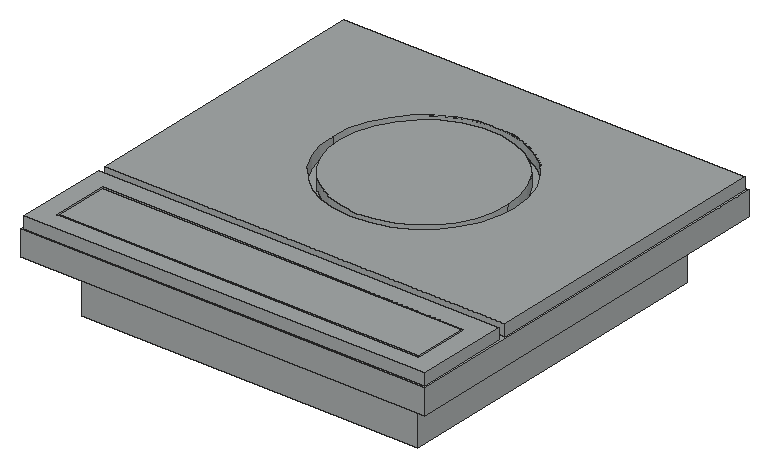
Revit family "Gira_5563926", category Electrical Fixtures, host Face, Revit 2017
Family settings
  Host = Face
  Maintain Annotation Orientation = Yes
  Round Connector Dimension = Use Diameter
  Part Type = Normal
  Cut with Voids When Loaded = No
  Shared = No
  Room Calculation Point = No
Parameters (values of type "Intercom mod. System 106 alum.")
  Width = "0.1065"
  URL = "http://katalog.gira.de/en/datenblatt.html?artikelnr=5563926"
  Number of bell buttons = "0"
  Name = "Intercom mod. System 106 alum."
  Model = "Sys106_Abdeckung_Schalten und Tasten"
  Manufacturer URL = "https://www.gira.de/"
  Manufacturer = "Gira"
  Installation technique = "Bus system"
  HeinzeBIM = "https://bimportal.heinze.de/bim/intercom-mod-system-106-alum-/8863a217da0dae74950ea430de2145e2be8c3495"
  Height = "0.1065"
  HAN = "5563926"
  GTIN = "4010337022411"
  Edelstahl [instance] = Edelstahl
  Description = "Interc.mod. S106 AL,System 106 intercom module,,Aluminium,The Gira System 106 is an installation system made of metal in a puristic and elegant frameless design, based on basic measurements of 106.5 × 106.5 mm. With the modular door intercom in Gira System 106, hospitality begins even before you reach the front door. All the functions are presented in a harmonious overall appearance, from the call button module, intercom module, and camera module, up to the info and blank module. In the dark, backlit call buttons with inscription space ensure good legibility and an attractive appearance.,,Individually adaptable modular system, The System 106 can be used in family homes or apartment buildings, as well as in office buildings, industrial properties, and hotels. The modular design enables the system's size, design, and functionality to be individually adapted to the respective requirements. Expansions and changes are possible at any time by easily exchanging the modules.,With this system, it is also possible to exchange the fronts only. This means that the appearance of the system can be changed from e.g. traffic white to a stainless steel surface at a later stage, without having to exchange the electronic units.,,High-quality materials,The modules are frameless with design fronts made of genuine materials, available in two brushed stainless steel versions (V2A and V4A), anodised aluminium C-0, and a metal alloy lacquered in traffic white (RAL 9016): all robust materials which ensure durability. The camera and DIN 18040 display module feature a black glass cover.,,Easy and phased installation,The system can be installed in phases, in parallel to the progress of building work. In this way, it is possible to initially install only the lower part of a surface-mounted housing during construction of the shell; cables and modules can then be added when they are needed.,,Individual inscription options,Call button modules and info modules can be labelled individually via the Gira inscription service.,,Features:,- The speakerphone function enables communication between indoors and outdoors.,- A high-quality microphone and weather-resistant speaker ensure clear communication.,- Power supply via 2-wire bus. Additional connector for AS (e.g. required for three or more camera modules).,- All other Systems 106 modules (except door station module) are supplied with power via the intercom module."
  Default Elevation = 1219.2 mm
  Data sheet (1) = "https://katalog.gira.de/en/download.html?artikelnr=5563926"
  Colour = "Silver"
  Category = "Functional module for door communication"
  BIM (1) = "https://media.stage.bim.site/public/gira/36a6b08/Sys106_Abdeckung_Schalten und Tasten.rfa?public/gira/36a6b08/Sys106_Abdeckung_Schalten und Tasten.rfa"
  Available = "No"
Reference planes
  plane 1 "Center (Front/Back)": y = 0
  plane 2 "Reference Level 0": z = 0
  plane 3 "Center (Left/Right)": x = 0
  plane 4 "Reference Level 1": z = 9.5
Forms (mm)
  Extrusion 1, solid, material "Edelstahl" <- "Edelstahl", detail levels coarse
    sketch origin (0, 0, 0) x (1, 0, 0) y (0, 1, 0)
      loop
        line (-53, 53) -> (-53, -53) -> (53, -53) -> (53, 53) -> (-53, 53)
    from -14.7 to 9.5
  Extrusion 2, solid, material "Edelstahl" <- "Edelstahl", detail levels fine
    sketch origin (0, 0, 0) x (1, 0, 0) y (0, 1, 0)
      loop
        line (52.5, -28) -> (-52.5, -28) -> (-52.5, -52.5) -> (52.5, -52.5) -> (52.5, -28)
      loop
        line (-47.5, -48) -> (47.5, -48) -> (47.5, -33) -> (-47.5, -33) -> (-47.5, -48)
    from 6.5 to 9.5
  Extrusion 3, solid, material "Edelstahl" <- "Edelstahl", detail levels fine
    sketch origin (0, 0, 0) x (1, 0, 0) y (0, 1, 0)
      loop
        line (-52.5, 52.5) -> (-52.5, -26) -> (52.5, -26) -> (52.5, 52.5) -> (-52.5, 52.5)
      loop
        circle (0, 13) r 24
    from 6.5 to 9.5
  Extrusion 4, solid, material "Edelstahl" <- "Edelstahl", detail levels medium+fine
    sketch origin (0, 0, 0) x (1, 0, 0) y (0, 1, 0)
      loop
        line (-53, 53) -> (-53, -53) -> (53, -53) -> (53, 53) -> (-53, 53)
    from 0 to 6.5
  Extrusion 5, solid, material "Edelstahl" <- "Edelstahl", detail levels fine
    sketch origin (0, 0, 0) x (1, 0, 0) y (0, 1, 0)
      loop
        line (-44, 44) -> (-44, -44) -> (44, -44) -> (44, 44) -> (-44, 44)
    from -14.7 to 0
  Extrusion 6, solid, material "Edelstahl" <- "Edelstahl", detail levels fine
    sketch origin (0, 0, 0) x (1, 0, 0) y (0, 1, 0)
      loop
        circle (0, 13) r 22
    from 6.5 to 9.5
  Extrusion 7, solid, material "Edelstahl" <- "Edelstahl", detail levels fine
    sketch origin (0, 0, 0) x (1, 0, 0) y (0, 1, 0)
      loop
        line (-47, -33.5) -> (-47, -47.5) -> (47, -47.5) -> (47, -33.5) -> (-47, -33.5)
    from 6.5 to 9.5
  Extrusion 8, solid, material "Edelstahl" <- "Edelstahl", detail levels medium
    sketch origin (0, 0, 0) x (1, 0, 0) y (0, 1, 0)
      loop
        line (-52.5, 52.5) -> (-52.5, -26) -> (52.5, -26) -> (52.5, 52.5) -> (-52.5, 52.5)
      loop
        line (-52.5, -28) -> (-52.5, -52.5) -> (52.5, -52.5) -> (52.5, -28) -> (-52.5, -28)
    from 6.5 to 9.5
  Extrusion 9, solid, material "Edelstahl" <- "Edelstahl", detail levels medium
    sketch origin (0, 0, 0) x (1, 0, 0) y (0, 1, 0)
      loop
        circle (0, 13) r 24
      loop
        line (-47.5, -33) -> (-47.5, -48) -> (47.5, -48) -> (47.5, -33) -> (-47.5, -33)
    from 6.5 to 9.5
Dimensions and locks
  aligned and locked: plane 2 "Reference Level 0" to host face
  aligned and locked: level to host face
  aligned and locked: Extrusion 4 to host face
  aligned and locked: Extrusion 4 to level
  aligned and locked: level to Extrusion 5
  aligned and locked: level to Extrusion 4
  aligned and locked: Extrusion 4 to plane 2 "Reference Level 0"
  aligned and locked: plane 2 "Reference Level 0" to Extrusion 5
  aligned and locked: plane 3 "Center (Left/Right)" to nested 1
  aligned and locked: plane 1 "Center (Front/Back)" to nested 1
Nested families
  nested 1: "Schalter" at (0, 0, 0), type "Schalter"
Connectors
  electrical at (0, 0, -14.7)
    settings: on Extrusion 5, index 1, voltage 220 V, apparent load 0 VA, apparent load phase1 0 VA, apparent load phase2 0 VA, apparent load phase3 0 VA, power factor 1, load classification "Other", number of poles 1, system type 30, power factor state 1, is connector primary yes, connector utility no, sub classification motor no, connector description ""
Definition of nested family "Schalter"
  Reference planes
    plane 1: y = 0
    plane 2: x = 0
  Lines and regions (mm)
    detail lines
      curve 1: circle (1.375, 2.778, 0) r 0.8 normal (0, 0, 1)
      curve 2: line (1.021, 2.061, 0) -> (0, 0, 0)
      curve 3: line (0, 0, 0) -> (-0.538, 0.266, 0)
  Dimensions and locks
    curve 2 to curve 2 = 2.3 mm
    curve 3 to curve 2 = 0.6 mm
    radius of curve 1 = 0.8 mm
